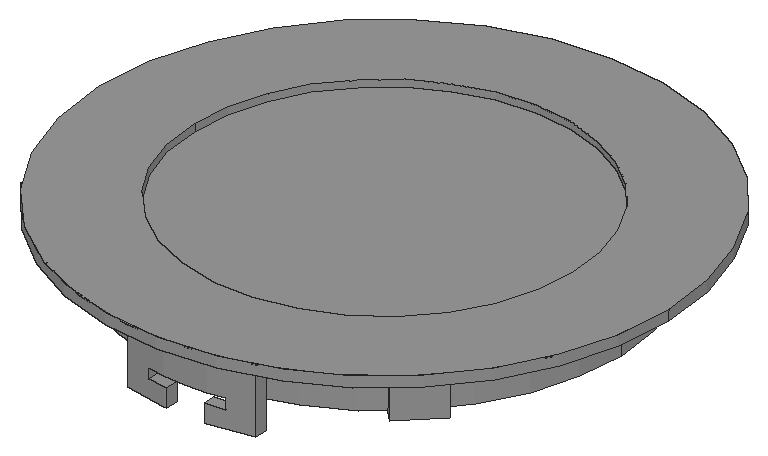
Revit family "Lilja 6W", category Lighting Fixtures, host Face, Revit 2017
Family settings
  Host = Face
  Round Connector Dimension = Use Diameter
  Part Type = Normal
  OmniClass Number = 23.80.70.11.11
  OmniClass Title = General Luminaries, Non Directional
  Cut with Voids When Loaded = No
  Light Source = Yes
  Shared = No
  Room Calculation Point = No
Parameters (values of type "Lilja 6W, Neutral White, 230V - 02WP996N006R")
  Wattage Comments = "6W"
  Wattage = 6 W
  built-in parameter 1150110 = 1 (stored number, unit not read)
  Voltage = 230 V
  URL = "www.winled.fi"
  Type Image = Lilja 6W.png
  built-in parameter 1114217 = 1 (stored number, unit not read)
  Tilt Angle = -90.00°
  built-in parameter 1150109 = 1 (stored number, unit not read)
  built-in parameter 1150134 = 12
  built-in parameter 1150113 = 1 (stored number, unit not read)
  Product Number = "02WP996N006R"
  Position Number = ""
  Photometric Web File = "Lilja 6W NV.ies"
  Operating Temperature Range = "-20° to +40°C"
  Model = "Lilja 6W"
  Manufacturer = "Winled Oy Ltd"
  built-in parameter 1150105 = 132.64 (stored number, unit not read)
  Lumens = 374.04 lm
  built-in parameter 1150115 = 1 (stored number, unit not read)
  Lumens Output = "374lm"
  built-in parameter 1150137 = (empty or 0)
  built-in parameter 1150139 = (empty or 0)
  Lifetime L70 = "50000h"
  Last Updated = "25.2.2016"
  built-in parameter 1150112 = 1 (stored number, unit not read)
  built-in parameter 1150114 = 1 (stored number, unit not read)
  Lamp = "LED"
  built-in parameter 1150132 = (empty or 0)
  built-in parameter 1150102 = (empty or 0)
  built-in parameter 1150107 = 4000 (stored number, unit not read)
  built-in parameter 1150138 = (empty or 0)
  built-in parameter 1150106 = 1.3264 (stored number, unit not read)
  IP Code = "IP44"
  Housing Material = "Aluminium"
  built-in parameter 1150104 = 5.7916 (stored number, unit not read)
  Driver = "Separate"
  Directivity = "No"
  Dimming Lamp Color Temperature Shift = <None>
  Dimmable = "Yes"
  Description = "Downlight"
  Depth = "30mm"
  Default Elevation = 1219.2 mm
  Cutout = "110mm"
  Color Temperature = "4000K"
  Color Filter = 16777215
  Casing Color = "White"
  CRI = "80"
  Beam Angle = "120°"
  built-in parameter 1114218 = 1 (stored number, unit not read)
  built-in parameter 1150133 = 10 (stored number, unit not read)
Types (3, lengths in mm): name | built-in parameter 1150134 | Product Number | Photometric Web File | built-in parameter 1150105 | Lumens | Lumens Output | built-in parameter 1150107 | built-in parameter 1150106 | built-in parameter 1150104 | Color Temperature
  (no name) | 12 | "02WP996N006R" | "Lilja 6W NV.ies" | 132.64 (stored number, unit not read) | 374.04 lm | "374lm" | 4000 (stored number, unit not read) | 1.3264 (stored number, unit not read) | 5.7916 (stored number, unit not read) | "4000K"
  Lilja 6W, Neutral White, 230V - 02WP996N006R | 12 | "02WP996N006R" | "Lilja 6W NV.ies" | 132.64 (stored number, unit not read) | 374.04 lm | "374lm" | 4000 (stored number, unit not read) | 1.3264 (stored number, unit not read) | 5.7916 (stored number, unit not read) | "4000K"
  Lilja 6W, Warm White, 230V - 02WP996L006R | (empty or 0) | "02WP996L006R" | "Lilja 6W LV.ies" | 26.184 (stored number, unit not read) | 329.04 lm | "329lm" | 3000 (stored number, unit not read) | 0.26184 (stored number, unit not read) | 5.0948 (stored number, unit not read) | "3000K"
Reference planes
  plane 1 "Center (Front/Back)": y = 0
  plane 2: z = 0
  plane 3 "Center (Left/Right)": x = 0
Forms (mm)
  Extrusion 1, void
    sketch origin (0, 0, 0) x (1, 0, 0) y (0, 1, 0)
      loop
        circle (0, 0) r 55
    from 0 to -30
Lines and regions (mm)
  symbolic lines
    curve 1: circle (0, 0, 0) r 60 normal (0, 0, 1)
    curve 2: line (-42.426, -42.426, 0) -> (42.426, 42.426, 0)
    curve 3: line (-42.426, 42.426, 0) -> (42.426, -42.426, 0)
Dimensions and locks
  aligned and locked: plane 2 to host face
  aligned and locked: level to host face
Nested families
  nested 1: "Lilja 6W" at (0, 0, 0), type "Lilja 6W"
Connectors
  electrical at (0, 0, -10), driven by "Voltage"
    settings: on nested 1, index 1, voltage 230 V, apparent load 0 VA, apparent load phase1 6 VA, apparent load phase2 0 VA, apparent load phase3 0 VA, power factor 1, load classification "Lighting", number of poles 1, system type 31, power factor state 1, is connector primary yes, connector utility no, sub classification motor no, connector description ""
Definition of nested family "Lilja 6W"
  Reference planes
    plane 1 "Center (Front/Back)": y = 0
    plane 2: z = 0
    plane 3 "Center (Left/Right)": x = 0
  Forms (mm)
    Extrusion 1, solid
      sketch origin (0, 0, 0) x (1, 0, 0) y (0, 1, 0)
        loop
          circle (0, 0) r 60
      from 0 to 2.2
    Extrusion 2, void
      sketch origin (0, 0, 0) x (1, 0, 0) y (0, 1, 0)
        loop
          circle (0, 0) r 40
      from 0.7 to 2.2
    Extrusion 3, solid
      sketch origin (0, 0, 0) x (1, 0, 0) y (0, 1, 0)
        loop
          circle (0, 0) r 50
      from 0 to -10
    Extrusion 4, solid, detail levels fine
      sketch origin (0, 0, 0) x (1, 0, 0) y (0, 1, 0)
        loop
          line (33.896, 40.967) -> (31.643, 38.714)
          arc (31.643, 38.714) -> (35.355, 35.355) -> (38.714, 31.643) r 50
          line (38.714, 31.643) -> (40.967, 33.896)
          arc (40.967, 33.896) -> (37.598, 37.598) -> (33.896, 40.967) r 53.172
        loop
          line (40.98, -33.909) -> (38.714, -31.643)
          arc (38.714, -31.643) -> (35.355, -35.355) -> (31.643, -38.714) r 50
          line (31.643, -38.714) -> (33.909, -40.98)
          arc (33.909, -40.98) -> (37.611, -37.611) -> (40.98, -33.909) r 53.19
        loop
          line (-33.893, -40.964) -> (-31.643, -38.714)
          arc (-31.643, -38.714) -> (-35.355, -35.355) -> (-38.714, -31.643) r 50
          line (-38.714, -31.643) -> (-40.964, -33.893)
          arc (-40.964, -33.893) -> (-37.595, -37.595) -> (-33.893, -40.964) r 53.167
        loop
          line (-40.975, 33.903) -> (-38.714, 31.643)
          arc (-38.714, 31.643) -> (-35.355, 35.355) -> (-31.643, 38.714) r 50
          line (-31.643, 38.714) -> (-33.903, 40.975)
          arc (-33.903, 40.975) -> (-37.606, 37.606) -> (-40.975, 33.903) r 53.182
      from 0 to -10
    Extrusion 5, solid, detail levels medium+fine
      sketch origin (0, 0, 0) x (1, 0, 0) y (0, 1, 0)
        loop
          arc (-13.505, 48.142) -> (0.001, 50) -> (13.506, 48.141) r 50
          line (13.506, 48.141) -> (13.506, 50.838)
          arc (13.506, 50.838) -> (0.001, 52.601) -> (-13.505, 50.838) r 52.601
          line (-13.505, 50.838) -> (-13.505, 48.142)
        loop
          line (-13.505, -48.142) -> (-13.505, -50.814)
          arc (-13.505, -50.814) -> (0.001, -52.577) -> (13.506, -50.813) r 52.577
          line (13.506, -50.813) -> (13.506, -48.141)
          arc (13.506, -48.141) -> (0.001, -50) -> (-13.505, -48.142) r 50
      from 0 to -15.9
    Extrusion 6, void, detail levels fine
      sketch origin (0, 0, 0) x (1, 0, 0) y (0, 0, 1)
        loop
          line (4.004, -15.9) -> (4.004, -12.147) -> (8.193, -12.147) -> (8.193, -10) -> (-8.198, -10) -> (-8.198, -12.147) -> (-3.959, -12.147) -> (-3.959, -15.9) -> (4.004, -15.9)
      from 56.24 to -56.784
    Extrusion 7, void, detail levels fine
      sketch origin (0, 0, 0) x (1, 0, 0) y (0, 1, 0)
        loop
          circle (0, 0) r 35
      from -8.7 to -10
  Cuts and joins
    Extrusion 2 cuts Extrusion 1
    Extrusion 6, Extrusion 7 cuts Extrusion 3
    Extrusion 6 cuts Extrusion 5
  Dimensions and locks
    aligned and locked: level to plane 2
